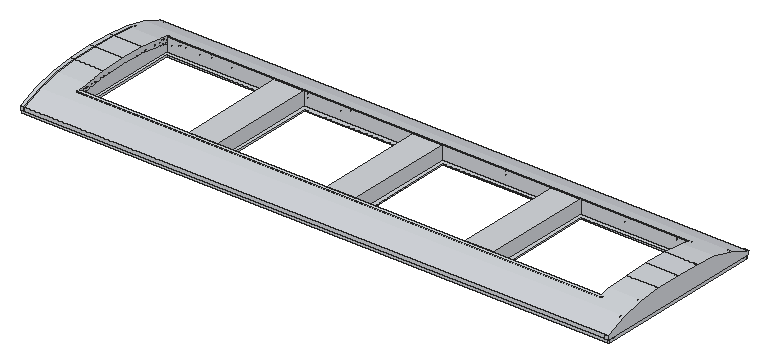
Revit family "Gira_0214328", category Electrical Fixtures, host Face, Revit 2017
Family settings
  Host = Face
  Maintain Annotation Orientation = No
  Round Connector Dimension = Use Diameter
  Part Type = Normal
  Cut with Voids When Loaded = No
  Shared = No
  Room Calculation Point = No
Parameters (values of type "Cov.fr. 4-g interm.fr. PW Gira Event anthra.")
  With mounting grid = "No"
  With hinged lid = "No"
  URL = "http://katalog.gira.de/en/datenblatt.html?artikelnr=0214328"
  Type of fastening = "Clamp mounting"
  Transparent = "No"
  Surface protection = "Other"
  Suitable for wall duct = "No"
  Suitable for flush-mounted installation = "Yes"
  Suitable for floor box = "No"
  Suitable for built-in installation = "No"
  Number of units vertical = "4"
  Number of units horizontal = "4"
  Number of units = "4"
  Name = "Cov.fr. 4-g interm.fr. PW Gira Event anthra."
  Mounting direction = "Horizontal and vertical"
  Material quality = "Thermoplastic"
  Material = "Plastic"
  Manufacturer URL = "https://www.gira.de/"
  Manufacturer = "Gira"
  Label space/information surface = "No"
  Keynote = ""
  HeinzeBIM = "https://bimportal.heinze.de/bim/cov-fr-4-g-interm-fr-pw-gira-event-anthra-/b92da2f6232e62b64b37bccc6df58cd7533aee6d"
  Halogen free = "Yes"
  HAN = "0214328"
  GTIN = "4010337074250"
  Description = "Cov.fr.4g i.fr.PW Event AN,Gira Event frames,anthracite with pure white glossy intermediate frame,4-gang,Features:,- Shatter-proof."
  Degree of protection (IP) = "IP20"
  Default Elevation = 1219.2 mm
  Data sheet (1) = "https://katalog.gira.de/en/download.html?artikelnr=0214328"
  Colour = "Anthracite"
  Category = "Cover frame for domestic switching devices"
  BIM (1) = "https://media.stage.bim.site/public/gira/36a6b08/Event_Rahmen_4fach.rfa"
  Available = "No"
Reference planes
  plane 1 "Center (Front/Back)": y = 0
  plane 2: z = 0
  plane 3 "Center (Left/Right)": x = 0
Forms (mm)
  Extrusion 1, solid, detail levels fine
    sketch origin (0, 0, 0.05) x (0, 1, 0) y (0, 0, 1)
      loop
        arc (12.445, 9.683) -> (6.223, 9.833) -> (0, 9.85) r 291.636
        arc (0, 9.85) -> (-6.223, 9.833) -> (-12.445, 9.683) r 291.636
        arc (-12.445, 9.683) -> (-29.14, 7.482) -> (-45, 1.823) r 79.728
        line (-45, 1.823) -> (-45, -0.05) -> (-42.086, -0.05)
        arc (-42.086, -0.05) -> (-21.385, 5.559) -> (0, 7.206) r 114.424
        arc (0, 7.206) -> (21.385, 5.559) -> (42.086, -0.05) r 114.424
        line (42.086, -0.05) -> (45, -0.05) -> (45, 1.823)
        arc (45, 1.823) -> (29.14, 7.482) -> (12.445, 9.683) r 79.728
    from -151.95 to 151.935
  Extrusion 2, void, detail levels fine
    sketch origin (0, 0, 0) x (1, 0, 0) y (0, 1, 0)
      loop
        line (134.95, 28.035) -> (-134.95, 28.035) -> (-134.95, -28.035) -> (134.95, -28.035) -> (134.95, 28.035)
    from 0.724 to 11
  Extrusion 3, solid, detail levels coarse
    sketch origin (0, 0, 0) x (1, 0, 0) y (0, 1, 0)
      loop
        line (-151.95, 45) -> (-151.95, -45) -> (151.935, -45) -> (151.935, 45) -> (-151.95, 45)
    from -1.5 to 9.9
  Extrusion 4, solid, detail levels medium
    sketch origin (0, 0, 0.05) x (0, 1, 0) y (0, 0, 1)
      loop
        arc (12.445, 9.683) -> (6.223, 9.833) -> (0, 9.85) r 291.636
        arc (0, 9.85) -> (-6.223, 9.833) -> (-12.445, 9.683) r 291.636
        arc (-12.445, 9.683) -> (-29.14, 7.482) -> (-45, 1.823) r 79.728
        line (-45, 1.823) -> (-45, -0.05) -> (45, -0.05) -> (45, 1.823)
        arc (45, 1.823) -> (29.14, 7.482) -> (12.445, 9.683) r 79.728
    from -151.95 to 151.935
  Extrusion 5, solid, detail levels fine
    sketch origin (-106.95, 0, -1.5) x (0, 1, 0) y (0, 0, -1)
      loop
        line (45, -3.373) -> (45, -1.5) -> (-45, -1.5) -> (-45, -3.373)
        arc (-45, -3.373) -> (-29.14, -9.032) -> (-12.445, -11.233) r 79.728
        arc (-12.445, -11.233) -> (-6.223, -11.383) -> (0, -11.4) r 291.636
        arc (0, -11.4) -> (6.223, -11.383) -> (12.445, -11.233) r 291.636
        arc (12.445, -11.233) -> (29.14, -9.032) -> (45, -3.373) r 79.728
    from 43 to 45
  Extrusion 6, solid, detail levels fine
    sketch origin (0, 0, 0) x (1, 0, 0) y (0, 1, 0)
      loop
        line (-132.85, 25.7) -> (-132.85, -25.7) -> (-81.05, -25.7) -> (-81.05, 25.7) -> (-132.85, 25.7)
      loop
        line (-9.755, -25.7) -> (-9.755, 25.7) -> (-61.555, 25.7) -> (-61.555, -25.7) -> (-9.755, -25.7)
      loop
        line (-135.845, 28.49) -> (-135.845, -28.495)
        spline (-135.845, -28.495) -> (-135.836, -28.625) -> (-135.811, -28.754) -> (-135.769, -28.878) -> (-135.711, -28.995) -> (-135.638, -29.104) -> (-135.552, -29.202) -> (-135.454, -29.288) -> (-135.345, -29.361) -> (-135.228, -29.419) -> (-135.104, -29.461) -> (-134.975, -29.486) -> (-134.845, -29.495)
        line (-134.845, -29.495) -> (134.845, -29.495)
        spline (134.845, -29.495) -> (134.975, -29.486) -> (135.104, -29.461) -> (135.228, -29.419) -> (135.345, -29.361) -> (135.454, -29.288) -> (135.552, -29.202) -> (135.638, -29.104) -> (135.711, -28.995) -> (135.769, -28.878) -> (135.811, -28.754) -> (135.836, -28.625) -> (135.845, -28.495)
        line (135.845, -28.495) -> (135.845, 28.49)
        spline (135.845, 28.49) -> (135.836, 28.62) -> (135.811, 28.748) -> (135.769, 28.872) -> (135.711, 28.99) -> (135.638, 29.098) -> (135.552, 29.197) -> (135.454, 29.283) -> (135.345, 29.356) -> (135.228, 29.413) -> (135.104, 29.456) -> (134.975, 29.481) -> (134.845, 29.49)
        line (134.845, 29.49) -> (-134.845, 29.49)
        spline (-134.845, 29.49) -> (-134.975, 29.481) -> (-135.104, 29.456) -> (-135.228, 29.413) -> (-135.345, 29.356) -> (-135.454, 29.283) -> (-135.552, 29.197) -> (-135.638, 29.098) -> (-135.711, 28.99) -> (-135.769, 28.872) -> (-135.811, 28.748) -> (-135.836, 28.62) -> (-135.845, 28.49)
      loop
        line (61.545, -25.7) -> (61.545, 25.7) -> (9.745, 25.7) -> (9.745, -25.7) -> (61.545, -25.7)
      loop
        line (132.85, -25.7) -> (132.85, 25.7) -> (81.05, 25.7) -> (81.05, -25.7) -> (132.85, -25.7)
    from 0.1 to 7.3
  Extrusion 7, solid
    sketch origin (0, 0, 0) x (1, 0, 0) y (0, 1, 0)
      loop
        arc (-151.65, -44.218) -> (-151.504, -44.572) -> (-151.15, -44.718) r 0.5
        line (-151.15, -44.718) -> (151.15, -44.718)
        arc (151.15, -44.718) -> (151.504, -44.572) -> (151.65, -44.218) r 0.5
        line (151.65, -44.218) -> (151.65, 44.182)
        arc (151.65, 44.182) -> (151.504, 44.535) -> (151.15, 44.682) r 0.5
        line (151.15, 44.682) -> (-151.15, 44.682)
        arc (-151.15, 44.682) -> (-151.504, 44.535) -> (-151.65, 44.182) r 0.5
        line (-151.65, 44.182) -> (-151.65, -44.218)
      loop
        line (-149.95, 42.982) -> (-149.95, -43.018) -> (149.95, -43.018) -> (149.95, 42.982) -> (-149.95, 42.982)
    from -1.5 to 0.5
  Extrusion 8, solid, detail levels fine
    sketch origin (106.935, 0, -1.5) x (0, 1, 0) y (0, 0, 1)
      loop
        arc (45, 3.373) -> (29.14, 9.032) -> (12.445, 11.233) r 79.728
        arc (12.445, 11.233) -> (6.223, 11.383) -> (0, 11.4) r 291.636
        arc (0, 11.4) -> (-6.223, 11.383) -> (-12.445, 11.233) r 291.636
        arc (-12.445, 11.233) -> (-29.14, 9.032) -> (-45, 3.373) r 79.728
        line (-45, 3.373) -> (-45, 1.5) -> (45, 1.5) -> (45, 3.373)
    from 43 to 45
  Extrusion 9, solid, detail levels medium
    sketch origin (0, 0, 0) x (1, 0, 0) y (0, 1, 0)
      loop
        line (-151.65, -44.718) -> (151.65, -44.718) -> (151.65, 44.682) -> (-151.65, 44.682) -> (-151.65, -44.718)
    from -1.5 to 0.5
  Extrusion 10, solid, detail levels fine
    sketch origin (-69.857, 0, 0) x (1, 0, 0) y (0, 1, 0)
      loop
        line (-8.943, 28.063) -> (-8.943, -27.937) -> (6.057, -27.937) -> (6.057, 28.063) -> (-8.943, 28.063)
    from 0.724 to 7.566
  Extrusion 11, solid, detail levels fine
    sketch origin (-1.443, 0, 0) x (-1, 0, 0) y (0, -1, 0)
      loop
        line (-8.943, -28.063) -> (6.057, -28.063) -> (6.057, 27.937) -> (-8.943, 27.937) -> (-8.943, -28.063)
    from 0.724 to 7.566
  Extrusion 12, solid, detail levels fine
    sketch origin (69.857, 0, 0) x (-1, 0, 0) y (0, -1, 0)
      loop
        line (-8.943, -28.063) -> (6.057, -28.063) -> (6.057, 27.937) -> (-8.943, 27.937) -> (-8.943, -28.063)
    from 0.724 to 7.566
Cuts and joins
  Extrusion 2 cuts Extrusion 1
  Extrusion 2 cuts Extrusion 6
Dimensions and locks
  aligned and locked: plane 2 to host face
  aligned and locked: level to host face
